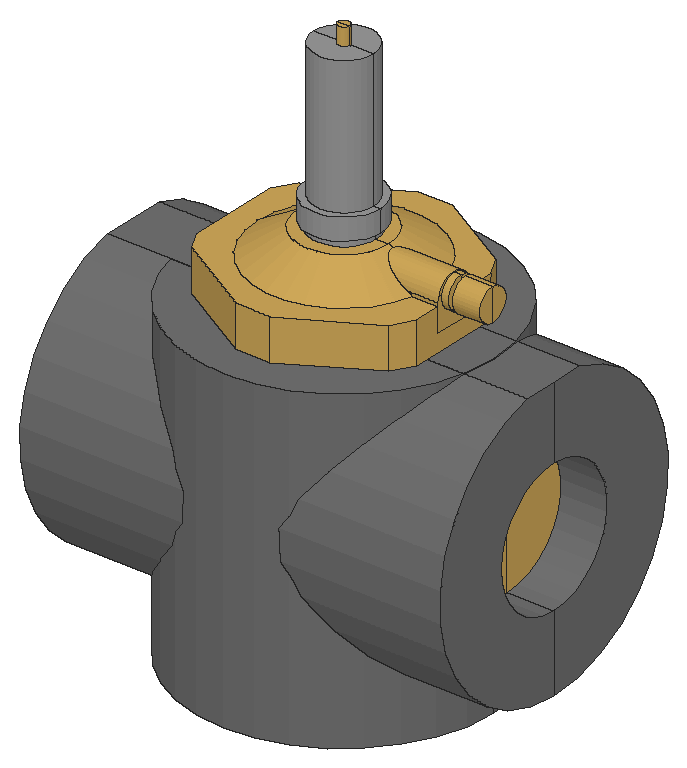
Revit family "Differential Pressure Control Valve 4002 45-80kPa", category Rohrzubehör, Revit 2018
Family settings
  Bemaßung runder Anschluss = Durchmesser verwenden
  Teiletyp = Unterbricht
  OmniClass-Nummer = 23.65.55.14
  OmniClass-Titel = Valves for Liquid Services
  Arbeitsebenenbasiert = Nein
  Immer vertikal = Ja
  Beim Laden mit Abzugskörper schneiden = Nein
  Gemeinsam genutzt = Nein
Parameters (values of type "with insulation")
  y2 [instance] = K14 + K9 + H01  # 72.649 mm
  y1 [instance] = (R03 * 2) + R05  # 132.000 mm
  Min. operating temperature (anti freeze) = -20 °C  # constant formula
  Max. operating temperature up to DN32 = 130 °C  # constant formula
  Max. operating temperature from DN40 = 110 °C  # constant formula
  Max. differential pressure on the body = 400000.0 Pa  # constant formula
  Max. operating pressure = 1600000.0 Pa  # constant formula
  Valve shaft = "stainless steel 14301"  # constant formula
  VRL01 [instance] = 30.000 mm  # constant formula
  V12 = 17.000 mm  # constant formula
  V10 = 16.000 mm  # constant formula
  V09 [instance] = L06 + 4.000 mm  # 11.000 mm
  V08 [instance] = G01 + 3.000 mm  # 29.873 mm
  V03 [instance] = G01 + 5.000 mm  # 31.873 mm
  V02 [instance] = V01 + 4.500 mm  # 24.500 mm
  V01 [instance] = Nennweite / 2  # 20.000 mm
  URL = "www.herzvalves.com"
  SCRNSEQ = "ARM;ARM_TYP=\"DIFR\";2"
  SCRNCODE = "05;03;4"  # constant formula
  S07 = 10.000 mm  # constant formula
  S06 [instance] = 1.000 mm  # constant formula
  S05 [instance] = S01 - 1.000 mm  # 25.000 mm
  S04 [instance] = S02 - 1.000 mm  # 27.000 mm
  S03 [instance] = size_lookup("4002 45-80kPa", "S03", 26.500 mm, Nennweite)  # 38.700 mm
  S02 [instance] = size_lookup("4002 45-80kPa", "S02", 19.000 mm, Nennweite)  # 28.000 mm
  S01 [instance] = size_lookup("4002 45-80kPa", "S01", 14.850 mm, Nennweite)  # 26.000 mm
  Regulator connection nut = "brass CW614N"  # constant formula
  Model = "The differential pressure controller is a straight-version linear controller and works without auxiliary power. The\r\nnominal differential pressure can be continuously adjusted from 450 to 800 mbar.\r\nThe value for the setting can be read from the diagram. The nominal set point is factory preset to a minimum. If\r\nnecessary, the nominal set point can be adjusted using the pre-setting key (1 4002 01). A capillary tube (1000 mm) is\r\nincluded and should be connected to the circuit regulating valve in the supply line."
  Control range = "45 - 80kPa"  # constant formula
  R06 [instance] = size_lookup("4002 45-80kPa", "R06", 14.500 mm, Nennweite)  # 14.500 mm
  R05 [instance] = size_lookup("4002 45-80kPa", "R05", 41.000 mm, Nennweite)  # 100.000 mm
  R04 [instance] = size_lookup("4002 45-80kPa", "R04", 12.500 mm, Nennweite)  # 14.500 mm
  R03 [instance] = size_lookup("4002 45-80kPa", "R03", 8.000 mm, Nennweite)  # 16.000 mm
  R02 = 14.500 mm  # constant formula
  R01 [instance] = size_lookup("4002 45-80kPa", "R01", 11.500 mm, Nennweite)  # 38.700 mm
  Min. operating temperature (pure water) = 2 °C  # constant formula
  O-Rings = "EPDM"  # constant formula
  Nennweite [instance] = 40.000 mm
  Membrane body = "brass CW602N"  # constant formula
  Membrane = "EPDM"  # constant formula
  Medium = "Water purity in accordance with the ÖNORM H 5195 and VDI 2035 standards\r\nEthylene and propylene glycol can be mixed to a ratio of 25 - 50 vol. [%]"
  L07 [instance] = size_lookup("4002 45-80kPa", "L07", 28.500 mm, Nennweite)  # 66.000 mm
  L06 = 7.000 mm  # constant formula
  L [instance] = size_lookup("4002 45-80kPa", "L", 66.000 mm, Nennweite)  # 132.000 mm
  K9 = 4.000 mm  # constant formula
  K8 = 55.000 mm  # constant formula
  K7 = 8.700 mm  # constant formula
  K6 = 11.700 mm  # constant formula
  K5 = 13.000 mm  # constant formula
  K4 = 12.000 mm  # constant formula
  K3 = 15.000 mm  # constant formula
  K2 = 2.350 mm  # constant formula
  K18 = 89.000 mm  # constant formula
  K17 = 66.700 mm  # constant formula
  K16 = 3.000 mm  # constant formula
  K15 = 26.649 mm  # constant formula
  K14 = 16.649 mm  # constant formula
  K13 = 16.649 mm  # constant formula
  K12 = 10.000 mm  # constant formula
  K11 = 35.000 mm  # constant formula
  K10 = 18.250 mm  # constant formula
  K1.1 = 2.350 mm  # constant formula
  K1 = 7.301 mm - 0.650 mm  # 6.651 mm
  J9 = 15.700 mm  # constant formula
  J8 = 7.850 mm  # constant formula
  J7 = 15.897 mm  # constant formula
  J6 = 3.900 mm  # constant formula
  J5 = 6.500 mm  # constant formula
  J4 = 1.500 mm  # constant formula
  J3 = 3.200 mm  # constant formula
  J2 = 11.000 mm  # constant formula
  J11 = 3.500 mm  # constant formula
  J10 = 18.897 mm  # constant formula
  J1 = 6.500 mm  # constant formula
  Hersteller = "HERZ-Armaturen Ges.m.b.H"  # constant formula
  H2 [instance] = size_lookup("4002 45-80kPa", "H2", 28.000 mm, Nennweite)  # 58.000 mm
  H1 [instance] = K1 + K2 + K3 + K4 + K5 + K7 + K8 + K16 + 16.650 mm  # 132.351 mm
  H04 = 4.000 mm  # constant formula
  H03 = 9.800 mm  # constant formula
  H02 [instance] = size_lookup("4002 45-80kPa", "H02", 53.000 mm, Nennweite)  # 107.000 mm
  H01 [instance] = size_lookup("4002 45-80kPa", "H01", 25.000 mm, Nennweite)  # 52.000 mm
  Body = "DZR brass CC770S"  # constant formula
  G01 [instance] = size_lookup("4002 45-80kPa", "G01", 13.220 mm, Nennweite)  # 26.873 mm
  Adjusting spindle = "brass CW614N"  # constant formula
  Materials = "EPDM gaskets can be affected by Mineral oils lubricants and thus lead to failure of the EPDM seals. Please refer\r\nto manufacturers documentation when using ethylene glycol products for frost and corrosion protection"
  Dämmung = yes
  Insulation shell = "EPP (expanded polypropylen)"  # constant formula
  Compression spring = "spring steel 14310 NS"  # constant formula
  DN50 [instance] = Nennweite = 50.000 mm  # no
  DN40 [instance] = Nennweite = 40.000 mm  # yes
  DN32-40 [instance] = or(Nennweite = 32.000 mm, Nennweite = 40.000 mm)  # yes
  DN32 [instance] = Nennweite = 32.000 mm  # no
  DN25 [instance] = Nennweite = 25.000 mm  # no
  DN20 [instance] = Nennweite = 20.000 mm  # no
  DN15-25 [instance] = or(Nennweite = 15.000 mm, Nennweite = 20.000 mm, Nennweite = 25.000 mm)  # no
  DN15,20,25,32,50 [instance] = or(Nennweite = 15.000 mm, Nennweite = 20.000 mm, Nennweite = 25.000 mm, Nennweite = 32.000 mm, Nennweite = 50.000 mm)  # no
  DN15 [instance] = Nennweite = 15.000 mm  # no
  D07 [instance] = if(Nennweite = 15.000 mm, 32.000 mm, if(Nennweite = 20.000 mm, 33.000 mm, if(Nennweite = 25.000 mm, 33.000 mm, if(Nennweite = 32.000 mm, 49.000 mm, if(Nennweite = 40.000 mm, 57.560 mm, if(Nennweite = 50.000 mm, 57.560 mm, 0.000 mm))))))  # 57.560 mm
  D06 [instance] = if(Nennweite = 15.000 mm, 32.000 mm, if(Nennweite = 20.000 mm, 33.000 mm, if(Nennweite = 25.000 mm, 33.000 mm, if(Nennweite = 32.000 mm, 49.000 mm, if(Nennweite = 40.000 mm, 57.560 mm, if(Nennweite = 50.000 mm, 57.560 mm, 0.000 mm))))))  # 57.560 mm
  D05 [instance] = if(Nennweite = 15.000 mm, 36.750 mm, if(Nennweite = 20.000 mm, 40.700 mm, if(Nennweite = 25.000 mm, 49.200 mm, if(Nennweite = 32.000 mm, 54.150 mm, if(Nennweite = 40.000 mm, 60.750 mm, if(Nennweite = 50.000 mm, 72.700 mm, 0.000 mm))))))  # 60.750 mm
  D04 [instance] = if(Nennweite = 15.000 mm, 78.500 mm, if(Nennweite = 20.000 mm, 82.000 mm, if(Nennweite = 25.000 mm, 84.000 mm, if(Nennweite = 32.000 mm, 120.000 mm, if(Nennweite = 40.000 mm, 130.000 mm, if(Nennweite = 50.000 mm, 130.500 mm, 0.000 mm))))))  # 130.000 mm
  D03 [instance] = if(Nennweite = 15.000 mm, 96.000 mm, if(Nennweite = 20.000 mm, 110.000 mm, if(Nennweite = 25.000 mm, 112.000 mm, if(Nennweite = 32.000 mm, 152.000 mm, if(Nennweite = 40.000 mm, 170.000 mm, if(Nennweite = 50.000 mm, 179.000 mm, 0.000 mm))))))  # 170.000 mm
  D02 [instance] = size_lookup("4002 45-80kPa", "R05", 41.000 mm, Nennweite)  # 100.000 mm
  D01 [instance] = size_lookup("4002 45-80kPa", "G01", 13.220 mm, Nennweite)  # 26.873 mm
  Bestellnummer Dämmung [instance] = if(and(Dämmung, Nennweite = 15.000 mm), 1409611, if(and(Dämmung, Nennweite = 20.000 mm), 1409612, if(and(Dämmung, Nennweite = 25.000 mm), 1409613, if(and(Dämmung, Nennweite = 32.000 mm), 1409614, if(and(Dämmung, Nennweite = 40.000 mm), 1409615, if(and(Dämmung, Nennweite = 50.000 mm), 1409616, 0))))))  # 1409615
  Bestellnummer [instance] = size_lookup("4002 45-80kPa", "Artnr", 0, Nennweite)  # 1400275
  B2 [instance] = size_lookup("4002 45-80kPa", "B2", 31.000 mm, Nennweite)  # 41.000 mm
  B1 [instance] = size_lookup("4002 45-80kPa", "B1", 26.000 mm, Nennweite)  # 41.000 mm
  B04 = 100.649 mm  # constant formula
  B03 = 44.500 mm  # constant formula
  B02 = 104.688 mm  # constant formula
  B01 = 10.000 mm  # constant formula
  Indicator sleeve = "plastic (red)"  # constant formula
  Application = "Differential pressure controllers are used to stabilize the differential pressure in heating and cooling circuits and ensure the\r\nindependence of the loads from dynamic pressure fluctuations in the system."
  Connection nipple = "brass CW602N"  # constant formula
Types (2, lengths in mm): name | y1 | V08 | V03 | V02 | V01 | S03 | R05 | R03 | R01 | Nennweite | Medium | L07 | L | G01 | Materials | Dämmung | DN50 | DN40 | DN32-40 | DN15,20,25,32,50 | D05 | D04 | D03 | D02 | D01 | Bestellnummer Dämmung | Bestellnummer
  with insulation | 132.000 | 29.873 | 31.873 | 24.500 | 20.000 | 38.700 | 100.000 | 16.000 | 38.700 | 40.000 | "Water purity in accordance with the ÖNORM H 5195 and VDI 2035 standards\r\nEthylene and propylene glycol can be mixed to a ratio of 25 - 50 vol. [%]" | 66.000 | 132.000 | 26.873 | "EPDM gaskets can be affected by Mineral oils lubricants and thus lead to failure of the EPDM seals. Please refer\r\nto manufacturers documentation when using ethylene glycol products for frost and corrosion protection" | yes | no | yes | yes | no | 60.750 | 130.000 | 170.000 | 100.000 | 26.873 | 1409615 | 1400275
  without insulation | 140.000 | 38.000 | 40.000 | 29.500 | 25.000 | 37.700 | 104.000 | 18.000 | 37.600 | 50.000 | "Water purity in accordance with the ÖNORM H 5195 and VDI 2035 standards.\r\nEthylene and propylene glycol can be mixed to a ratio of 25 - 50 vol. [%]" | 70.000 | 140.000 | 35.000 | "EPDM gaskets can be affected by mineral oil lubricants and thus lead to failure of the EPDM seals. Please refer\r\nto manufacturers documentation when using ethylene glycol products for frost and corrosion protection." | no | yes | no | no | yes | 72.700 | 130.500 | 179.000 | 104.000 | 35.000 | 0 | 1400276
Reference planes
  plane 1 "Mitte (Vorne/hinten)": y = 0
  plane 2: z = 0
  plane 3 "Mitte (Links/rechts)": x = 0
Forms (mm)
  Revolve 1, solid, material "Messing, weicher Gelbton, geschweißt", detail levels fine
    sketch origin (0, 0, 0) x (1, 0, 0) y (0, 0, 1)
      loop
        line (-66, 0) -> (66, 0) -> (66, 26.873) -> (50, 26.873) -> (50, 38.7) -> (-50, 38.7) -> (-50, 26.873) -> (-66, 26.873) -> (-66, 0)
      axis (-66, 0) -> (66, 0)
    angle from 0 to 360
  Revolve 2, solid, material "Messing, weicher Gelbton, geschweißt", detail levels fine
    sketch origin (0, 0, 0) x (1, 0, 0) y (0, 0, 1)
      loop
        line (0, -58) -> (0, 0) -> (-27, 0) -> (-27, -48.2) -> (-28, -48.2) -> (-28, -58) -> (0, -58)
      axis (0, 0) -> (0, -58)
    angle from 0 to 360
  Extrusion 3, solid, material "Messing, weicher Gelbton, geschweißt", detail levels fine
    sketch origin (0, 0, 0) x (0, -1, 0) y (1, 0, 0)
      loop
        line (-46, -7.038) -> (-27.114, -39.75) -> (-18.886, -44.5) -> (18.886, -44.5) -> (27.114, -39.75) -> (46, -7.038) -> (46, 7.038) -> (27.114, 39.75) -> (18.886, 44.5) -> (-18.886, 44.5) -> (-27.114, 39.75) -> (-46, 7.038) -> (-46, -7.038)
    from 56 to 72.649
  Revolve 4, solid, material "Messing, weicher Gelbton, geschweißt", detail levels fine
    sketch origin (0, 0, -7.051) x (1, 0, 0) y (0, 0, 1)
      loop
        line (0, 79.7) -> (0, 89.7) -> (-18.25, 89.7) -> (-35, 79.7) -> (0, 79.7)
      axis (0, 89.7) -> (0, 79.7)
    angle from 0 to 360
  Revolve 5, solid, material "Messing, weicher Gelbton, geschweißt", visible <- "DN15-25", detail levels fine
    sketch origin (-11, 0, 0) x (1, 0, 0) y (0, 1, 0)
      loop
        line (-3.5, 41) -> (-11.2, 41) -> (-11.2, 0) -> (-3.5, 0) -> (-3.5, 41)
      axis (-3.5, 0) -> (-3.5, 41)
    angle from 0 to 360
  Revolve 6, solid, material "Messing, weicher Gelbton, geschweißt", visible <- "DN15,20,25,32,50", detail levels fine
    sketch origin (-0.988, 0, -6.853) x (-1, 0, 0) y (0, 0, 1)
      loop
        line (43.5, 78.75) -> (59.2, 78.75) -> (59.2, 85.25) -> (48.2, 85.25) -> (48.2, 82.65) -> (46.7, 82.65) -> (46.7, 85.25) -> (43.5, 85.25) -> (43.5, 78.75)
      axis (43.5, 78.75) -> (59.2, 78.75)
    angle from 0 to 360
  Extrusion 7, solid, material "Messing, weicher Gelbton, geschweißt", visible <- "DN15,20,25,32,50", detail levels fine
    sketch origin (0, 0, 0) x (0, 1, 0) y (0, 0, -1)
      loop
        line (7.85, -70.547) -> (7.85, -59.5) -> (-7.85, -59.5) -> (-7.85, -70.547)
        arc (-7.85, -70.547) -> (0, -78.397) -> (7.85, -70.547) r 7.85
    from 0 to 44.5
  Revolve 8, solid, material "Kunststoff rot", detail levels fine
    sketch origin (0, 0, 0) x (1, 0, 0) y (0, 0, 1)
      loop
        line (-12, 149.349) -> (-12, 94.349) -> (-15, 94.349) -> (-15, 85.649) -> (-13, 85.649) -> (-13, 82.649) -> (0, 82.649) -> (0, 149.349) -> (-12, 149.349)
      axis (0, 149.349) -> (0, 82.649)
    angle from 0 to 360
  Revolve 9, solid, material "Messing, weicher Gelbton, geschweißt", visible <- "DN15-25", detail levels fine
    sketch origin (-2, 0, 0) x (1, 0, 0) y (0, 1, 0)
      loop
        line (-12.5, 0) -> (-21.5, 0) -> (-21.5, -41) -> (-12.5, -41) -> (-12.5, 0)
      axis (-12.5, 0) -> (-12.5, -41)
    angle from 0 to 360
  Revolve 10, solid, material "Messing, weicher Gelbton, geschweißt", visible <- "DN15-25", detail levels fine
    sketch origin (2, 0, 0) x (1, 0, 0) y (0, 1, 0)
      loop
        line (12.5, 0) -> (12.5, -41) -> (21.6, -41) -> (21.6, 0) -> (12.5, 0)
      axis (12.5, 0) -> (12.5, -41)
    angle from 0 to 360
  Extrusion 11, solid, material "Messing, weicher Gelbton, geschweißt", visible <- "DN32", detail levels fine
    sketch origin (-31.5, 0, 0) x (1, 0, 0) y (0, 1, 0)
      loop
        circle (63, 0) r 6.578
      loop
        circle (63, 0) r 3.28
    from -47 to 0
  Extrusion 12, solid, material "Messing, weicher Gelbton, geschweißt", visible <- "DN32", detail levels fine
    sketch origin (31.5, 0, 0) x (-1, 0, 0) y (0, -1, 0)
      loop
        circle (63, 0) r 6.578
      loop
        circle (63, 0) r 3.28
    from -47 to 0
  Revolve 13, solid, material "Messing, weicher Gelbton, geschweißt", detail levels fine
    sketch origin (0, 0, 0) x (1, 0, 0) y (0, 0, 1)
      loop
        line (-25, 0) -> (0, 0) -> (0, 56) -> (-21, 56) -> (-21, 52) -> (-26, 52) -> (-26, 42.2) -> (-25, 42.2) -> (-25, 0)
      axis (0, 56) -> (0, 0)
    angle from 0 to 360
  Extrusion 14, solid, material "Messing, weicher Gelbton, geschweißt", visible <- "DN40", detail levels fine
    sketch origin (29.382, 0, 0) x (-1, 0, 0) y (0, -1, 0)
      loop
        circle (63, 0) r 6.578
      loop
        circle (63, 0) r 3.28
    from -58 to 0
  Extrusion 15, solid, material "Messing, weicher Gelbton, geschweißt", visible <- "DN40", detail levels fine
    sketch origin (-29.455, 0, 0) x (1, 0, 0) y (0, 1, 0)
      loop
        circle (63, 0) r 6.578
      loop
        circle (63, 0) r 3.28
    from -58 to 0
  Extrusion 16, solid, material "Messing, weicher Gelbton, geschweißt", visible <- "DN50", detail levels fine
    sketch origin (28.422, 0, 0) x (-1, 0, 0) y (0, -1, 0)
      loop
        circle (63, 0) r 6.578
      loop
        circle (63, 0) r 3.28
    from -58 to 0
  Extrusion 17, solid, material "Messing, weicher Gelbton, geschweißt", visible <- "DN50", detail levels fine
    sketch origin (-28.422, 0, 0) x (1, 0, 0) y (0, 1, 0)
      loop
        circle (63, 0) r 6.578
      loop
        circle (63, 0) r 3.28
    from -58 to 0
  Revolve 18, solid, material "Messing, weicher Gelbton, geschweißt", detail levels fine
    sketch origin (0, 0, 0) x (1, 0, 0) y (0, 0, 1)
      loop
        line (-2.35, 148.349) -> (0, 148.349) -> (0, 156) -> (-2.35, 156) -> (-2.35, 148.349)
      axis (0, 156) -> (0, 148.349)
    angle from 0 to 360
  Revolve 19, solid, material "Messing, weicher Gelbton, geschweißt", visible <- "DN32-40", detail levels fine
    sketch origin (-11, 0, 0) x (1, 0, 0) y (0, 1, 0)
      loop
        line (-3.5, -41) -> (-3.5, 0) -> (-11.2, 0) -> (-11.2, -41) -> (-3.5, -41)
      axis (-3.5, 0) -> (-3.5, -41)
    angle from 0 to 360
  Extrusion 20, solid, material "Messing, weicher Gelbton, geschweißt", visible <- "DN40", detail levels fine
    sketch origin (0, 0, 0) x (0, 1, 0) y (0, 0, 1)
      loop
        arc (7.85, 74.047) -> (0, 81.897) -> (-7.85, 74.047) r 7.85
        line (-7.85, 74.047) -> (-7.85, 63) -> (7.85, 63) -> (7.85, 74.047)
    from 0 to 44.5
  Revolve 21, solid, material "Messing, weicher Gelbton, geschweißt", visible <- "DN40", detail levels fine
    sketch origin (0.988, 0, -6.853) x (1, 0, 0) y (0, 0, 1)
      loop
        line (43.5, 82.25) -> (59.2, 82.25) -> (59.2, 88.75) -> (48.2, 88.75) -> (48.2, 86.15) -> (46.7, 86.15) -> (46.7, 88.75) -> (43.5, 88.75) -> (43.5, 82.25)
      axis (43.5, 82.25) -> (59.2, 82.25)
    angle from 0 to 360
  Revolve 22, solid, material "Messing, weicher Gelbton, geschweißt", not visible, detail levels fine
    sketch origin (11.3, 0, 0) x (-1, 0, 0) y (0, 0, 1)
      loop
        line (77.3, 0) -> (107.3, 0) -> (107.3, 20) -> (90.3, 20) -> (90.3, 24.5) -> (81.3, 24.5) -> (81.3, 31.873) -> (74.3, 31.873) -> (74.3, 29.873) -> (61.3, 29.873) -> (61.3, 26.873) -> (77.3, 26.873) -> (77.3, 0)
      axis (61.3, 0) -> (107.3, 0)
    angle from 0 to 360
  Revolve 23, solid, material "Messing, weicher Gelbton, geschweißt", not visible, detail levels fine
    sketch origin (-1.172, 0, 0) x (1, 0, 0) y (0, 0, 1)
      loop
        line (67.172, 0) -> (97.172, 0) -> (97.172, 20) -> (80.172, 20) -> (80.172, 24.5) -> (71.172, 24.5) -> (71.172, 31.873) -> (64.172, 31.873) -> (64.172, 29.873) -> (51.172, 29.873) -> (51.172, 26.873) -> (67.172, 26.873) -> (67.172, 0)
      axis (51.172, 0) -> (97.172, 0)
    angle from 0 to 360
  Revolve 24, solid, material "Kunststoff-Anthrazit/Schwarz", visible <- "Dämmung"
    sketch origin (0, 0, 0) x (1, 0, 0) y (0, 0, 1)
      loop
        line (85, 57.56) -> (-85, 57.56) -> (-85, 26.873) -> (-50, 26.873) -> (-50, 0) -> (0, 0) -> (50, 0) -> (50, 26.873) -> (85, 26.873) -> (85, 57.56)
      axis (-85, 0) -> (85, 0)
    angle from 0 to 360
  Revolve 25, solid, material "Kunststoff-Anthrazit/Schwarz", visible <- "Dämmung"
    sketch origin (0, 0, 0) x (1, 0, 0) y (0, 0, 1)
      loop
        line (0, -72.44) -> (60.75, -72.44) -> (60.75, 57.56) -> (0, 57.56) -> (0, -72.44)
      axis (0, 57.56) -> (0, -72.44)
    angle from 0 to 360
  Extrusion 26, void
    sketch origin (-454.601, -120, 0) x (1, 0, 0) y (0, 1, 0)
      loop
        line (261.224, -34.207) -> (644.601, -34.207) -> (644.601, 270) -> (261.224, 270) -> (261.224, -34.207)
    from 56 to 72.649
  Extrusion 27, void
    sketch origin (-432.01, -65, 0) x (1, 0, 0) y (0, 1, 0)
      loop
        line (339.195, -19.781) -> (522.867, -19.781) -> (522.867, 150) -> (339.195, 150) -> (339.195, -19.781)
    from 56 to 72.649
Cuts and joins
  Extrusion 26 cuts Revolve 24
  Extrusion 27 cuts Revolve 25
Lines and regions (mm)
  model lines, detail levels coarse+medium
    curve 1: line (66, -26.873, 0) -> (66, 26.873, 0)
    curve 2: line (66, 26.873, 0) -> (-66, -26.873, 0)
    curve 3: line (-66, -26.873, 0) -> (-66, 26.873, 0)
    curve 4: line (-66, 26.873, 0) -> (66, -26.873, 0)
    curve 5: line (0, -42, 0) -> (0, -56, 0)
    curve 6: spline (-44.5, -64.324, 0) -> (-42.984, -62.17, 0) -> (-38.538, -60.162, 0) -> (-31.466, -58.438, 0) -> (-22.25, -57.115, 0) -> (-11.517, -56.284, 0) -> (0, -56, 0) -> (11.517, -56.284, 0) -> (22.25, -57.115, 0) -> (31.466, -58.438, 0) -> (38.538, -60.162, 0) -> (42.984, -62.17, 0) -> (44.5, -64.325, 0) -> (42.984, -66.479, 0) -> (38.538, -68.487, 0) -> (31.466, -70.211, 0) -> (22.25, -71.534, 0) -> (11.517, -72.365, 0) -> (0, -72.649, 0) -> (-11.517, -72.365, 0) -> (-22.25, -71.534, 0) -> (-31.466, -70.211, 0) -> (-38.538, -68.487, 0) -> (-42.984, -66.479, 0) -> (-44.5, -64.324, 0)
    curve 7: line (-66, 0, 26.873) -> (-66, 0, -26.873)
    curve 8: line (-66, 0, -26.873) -> (66, 0, 26.873)
    curve 9: line (66, 0, 26.873) -> (66, 0, -26.873)
    curve 10: line (66, 0, -26.873) -> (-66, 0, 26.873)
    curve 11: line (0, 0, 42.2) -> (0, 0, 56)
    curve 12: spline (-44.5, 0, 64.325) -> (-42.984, 0, 66.479) -> (-38.538, 0, 68.487) -> (-31.466, 0, 70.211) -> (-22.25, 0, 71.534) -> (-11.517, 0, 72.365) -> (0, 0, 72.649) -> (11.517, 0, 72.365) -> (22.25, 0, 71.534) -> (31.466, 0, 70.211) -> (38.538, 0, 68.487) -> (42.984, 0, 66.479) -> (44.5, 0, 64.324) -> (42.984, 0, 62.17) -> (38.538, 0, 60.162) -> (31.466, 0, 58.438) -> (22.25, 0, 57.115) -> (11.517, 0, 56.284) -> (0, 0, 56) -> (-11.517, 0, 56.284) -> (-22.25, 0, 57.115) -> (-31.466, 0, 58.438) -> (-38.538, 0, 60.162) -> (-42.984, 0, 62.17) -> (-44.5, 0, 64.325)
    curve 13: line (0, 0, 42.2) -> (33, 0, 13.437)
    curve 14: line (66, 0, 0) -> (76.504, 0, 0)
    curve 15: line (0, -42, 0) -> (-22.35, -9.1, 0)
    curve 16: line (0, -42, 0) -> (22.35, -9.1, 0)
    curve 17: line (66, 0, -26.873) -> (76, 0, -26.873)
    curve 18: line (-33, 0, 13.436) -> (0, 0, 42.2)
    curve 19: line (66, 26.873, 0) -> (76, 26.873, 0)
    curve 20: line (76, 26.873, 0) -> (66, 0, 0)
    curve 21: line (66, -26.873, 0) -> (76, -26.873, 0)
    curve 22: line (76, -26.873, 0) -> (66, 0, 0)
    curve 23: line (-66, 26.873, 0) -> (-76, 26.873, 0)
    curve 24: line (-76, 26.873, 0) -> (-66, 0, 0)
    curve 25: line (-66, -26.873, 0) -> (-76, -26.873, 0)
    curve 26: line (-76, -26.873, 0) -> (-66, 0, 0)
    curve 27: line (-66, 0, 26.873) -> (-76, 0, 26.873)
    curve 28: line (-76, 0, 26.873) -> (-66, 0, 0)
    curve 29: line (-66, 0, -26.873) -> (-76, 0, -26.873)
    curve 30: line (-76, 0, -26.873) -> (-66, 0, 0)
    curve 31: line (66, 0, 26.873) -> (66, 0, -26.873)
    curve 32: line (66, 0, 26.873) -> (76, 0, 26.873)
    curve 33: line (76, 0, 26.873) -> (66, 0, 0)
    curve 34: line (66, 0, -26.873) -> (76, 0, -26.873)
    curve 35: line (76, 0, -26.873) -> (66, 0, 0)
Dimensions and locks
  "G01": Revolve 1 sketch curve to Revolve 1 sketch curve  (x2)
  "R01": Revolve 1 sketch curve to Revolve 1 sketch curve
  "R03": Revolve 1 sketch curve to Revolve 1 sketch curve  (x2)
  "K10": Revolve 4 sketch curve to Revolve 4 sketch curve
  "K11": Revolve 4 sketch curve to Revolve 4 sketch curve
  "B1": Revolve 5 sketch curve to Revolve 5 sketch curve
  "J1": Revolve 6 sketch curve to Revolve 6 sketch curve
  "J3": Revolve 6 sketch curve to Revolve 6 sketch curve
  "J4": Revolve 6 sketch curve to Revolve 6 sketch curve
  "J2": Revolve 6 sketch curve to Revolve 6 sketch curve
  "J5": Revolve 6 sketch curve to Revolve 6 sketch curve
  "J6": Revolve 6 sketch curve to Revolve 6 sketch curve
  "H2": plane 2 to Revolve 2 sketch curve
  "S02": plane 3 "Mitte (Links/rechts)" to Revolve 2 sketch curve
  "B02": Revolve 6 to Extrusion 3
  "B03": Extrusion 3 to plane 3 "Mitte (Links/rechts)"
  "R04": Revolve 5 sketch curve to plane 3 "Mitte (Links/rechts)"
  "K4": Revolve 8 sketch curve to Revolve 8 sketch curve
  "K3": Revolve 8 sketch curve to Revolve 8 sketch curve
  "K7": Revolve 8 sketch curve to Revolve 8 sketch curve
  "K5": Revolve 8 sketch curve to Revolve 8 sketch curve
  "K8": Revolve 8 sketch curve to Revolve 8 sketch curve
  "K12": Revolve 4 sketch curve to Revolve 4 sketch curve
  "K13": Revolve 4 sketch curve to Extrusion 3
  "K14": Extrusion 3 to Extrusion 3
  "K16": Revolve 8 sketch curve to Revolve 8 sketch curve
  "K15": Revolve 8 to Extrusion 3
  "R05": Revolve 1 sketch curve to Revolve 1 sketch curve
  plane 3 "Mitte (Links/rechts)" to Revolve 1 sketch curve = 66.000 mm
  Revolve 1 sketch curve to plane 3 "Mitte (Links/rechts)" = 66.000 mm
  equal spacing: Revolve 1 sketch curve, plane 3 "Mitte (Links/rechts)", Revolve 1 sketch curve
  "B2": plane 1 "Mitte (Vorne/hinten)" to Revolve 9 sketch curve
  "B2": Revolve 10 sketch curve to plane 1 "Mitte (Vorne/hinten)"
  "R06": Revolve 9 sketch curve to plane 3 "Mitte (Links/rechts)"
  "R06": plane 3 "Mitte (Links/rechts)" to Revolve 10 sketch curve
  "S01": Revolve 13 sketch curve to plane 3 "Mitte (Links/rechts)"
  "S05": plane 3 "Mitte (Links/rechts)" to Revolve 13 sketch curve
  "H04": Revolve 13 sketch curve to Revolve 13 sketch curve
  "H03": Revolve 13 sketch curve to Revolve 13 sketch curve
  "H01": Revolve 13 sketch curve to plane 2
  "K9": Extrusion 3 to Revolve 13
  "S06": Revolve 2 sketch curve to Revolve 2 sketch curve
  "J7": Revolve 6 sketch curve to Extrusion 3
  "J9": Extrusion 7 sketch curve to Extrusion 7 sketch curve
  "J10": Revolve 6 to Extrusion 7 sketch curve
  "J11": Extrusion 7 sketch curve to Extrusion 3
  Revolve 22 to curve 16 to Revolve 23 = 66.000 mm, 66.000 mm
  "K18": Extrusion 3 to Extrusion 3
  "G01": curve 10 to plane 2
  "G01": plane 2 to curve 8
  "G01": curve 9 to plane 2
  "G01": plane 2 to curve 10
  "K18": curve 12 to curve 12
  "y1": curve 7 to curve 9
  "K14": curve 12 to curve 12
  "y2": curve 12 to plane 2
  "G01": plane 1 "Mitte (Vorne/hinten)" to curve 4
  "G01": curve 3 to plane 1 "Mitte (Vorne/hinten)"
  equal spacing: curve 3, curve 12, curve 1
  equal spacing: curve 3, curve 16, curve 1
  "y1": curve 3 to curve 1
  "G01": plane 1 "Mitte (Vorne/hinten)" to curve 2
  "G01": curve 4 to plane 1 "Mitte (Vorne/hinten)"
  "K18": curve 6 to curve 6
  "K14": curve 6 to curve 6
  "y2": curve 6 to plane 1 "Mitte (Vorne/hinten)"
  "K1": Revolve 18 sketch curve to Revolve 8
  "K1.1": plane 3 "Mitte (Links/rechts)" to Revolve 18 sketch curve
  "B1": Revolve 19 sketch curve to Revolve 19 sketch curve
  "R04": Revolve 19 sketch curve to plane 3 "Mitte (Links/rechts)"
  Revolve 18 to Revolve 2 = 214.000 mm
  plane 2 to Revolve 2 sketch curve = 48.200 mm
  "J9": Extrusion 20 sketch curve to Extrusion 20 sketch curve
  "J1": Revolve 21 sketch curve to Revolve 21 sketch curve
  "J3": Revolve 21 sketch curve to Revolve 21 sketch curve
  "J4": Revolve 21 sketch curve to Revolve 21 sketch curve
  "J2": Revolve 21 sketch curve to Revolve 21 sketch curve
  "J5": Revolve 21 sketch curve to Revolve 21 sketch curve
  "J6": Revolve 21 sketch curve to Revolve 21 sketch curve
  "R03": Revolve 22 sketch curve to Revolve 22 sketch curve
  "V12": Revolve 22 sketch curve to Revolve 22 sketch curve
  "VRL01": Revolve 22 sketch curve to Revolve 22 sketch curve
  "G01": Revolve 22 sketch curve to plane 2
  "V08": Revolve 22 sketch curve to plane 2
  "V01": Revolve 22 sketch curve to plane 2
  "V02": Revolve 22 sketch curve to plane 2
  "V03": Revolve 22 sketch curve to plane 2
  "R03": Revolve 23 sketch curve to Revolve 23 sketch curve
  "V10": Revolve 23 sketch curve to Revolve 23 sketch curve
  "V12": Revolve 23 sketch curve to Revolve 23 sketch curve
  "VRL01": Revolve 23 sketch curve to Revolve 23 sketch curve
  "G01": Revolve 23 sketch curve to plane 2
  "V08": Revolve 23 sketch curve to plane 2
  "V03": Revolve 23 sketch curve to plane 2
  "V01": Revolve 23 sketch curve to plane 2
  "V02": Revolve 23 sketch curve to plane 2
  "S07": Revolve 1 to curve 17
  equal spacing: Revolve 1, curve 18, curve 18, curve 13, curve 9
  "L07": Revolve 22 to plane 3 "Mitte (Links/rechts)"
  "L07": plane 3 "Mitte (Links/rechts)" to Revolve 23
  "V10": Revolve 22 sketch curve to Revolve 22 sketch curve
  "S07": curve 24 to curve 3
  "S07": curve 26 to curve 3
  "S07": curve 1 to curve 20
  "S07": curve 1 to curve 22
  "S07": curve 28 to curve 7
  "S07": curve 30 to curve 7
  "S07": curve 31 to curve 33
  "S07": curve 31 to curve 35
  "D01": Revolve 24 sketch curve to plane 2  (x2)
  "D03": Revolve 24 sketch curve to Revolve 24 sketch curve
  equal spacing: Revolve 24 sketch curve, plane 3 "Mitte (Links/rechts)", Revolve 24 sketch curve  (x2)
  "D02": Revolve 24 sketch curve to Revolve 24 sketch curve
  "D05": Revolve 25 sketch curve to Revolve 25 sketch curve
  "D04": Revolve 25 sketch curve to Revolve 25 sketch curve
  "D06": Revolve 25 sketch curve to plane 2
  "D07": Revolve 24 sketch curve to plane 2
  "K14": Extrusion 26 to Extrusion 26
  "K14": Extrusion 26 to Extrusion 3
  "K14": Extrusion 27 to Extrusion 27
  "K14": Extrusion 27 to Extrusion 3
  "J8": radius of Extrusion 7 sketch curve
  "J8": radius of Extrusion 20 sketch curve
  aligned and locked: level to plane 2
Automatic sketch dimensions
  plane 3 "Mitte (Links/rechts)" to Extrusion 3 sketch curve = 7.038 mm  (x2)
  Extrusion 3 sketch curve to plane 1 "Mitte (Vorne/hinten)" = 46.000 mm
  Extrusion 3 sketch curve to plane 1 "Mitte (Vorne/hinten)" = 27.114 mm  (x2)
  Extrusion 3 sketch curve to Extrusion 3 sketch curve = 8.227 mm  (x4)
  plane 1 "Mitte (Vorne/hinten)" to Extrusion 3 sketch curve = 18.886 mm  (x2)
  Extrusion 3 sketch curve to Extrusion 3 sketch curve = 18.886 mm
  Extrusion 3 sketch curve to plane 3 "Mitte (Links/rechts)" = 7.038 mm  (x2)
  Extrusion 3 sketch curve to Extrusion 3 sketch curve = 32.712 mm  (x4)
  Extrusion 3 sketch curve to Extrusion 3 sketch curve = 4.750 mm  (x2)
  Extrusion 11 sketch curve to Extrusion 11 sketch curve = 0.000 mm  (x2)
  plane 1 "Mitte (Vorne/hinten)" to Extrusion 11 sketch curve = 0.000 mm
  plane 3 "Mitte (Links/rechts)" to Extrusion 11 sketch curve = 31.500 mm
  Extrusion 12 sketch curve to Extrusion 12 sketch curve = 0.000 mm  (x2)
  plane 1 "Mitte (Vorne/hinten)" to Extrusion 12 sketch curve = 0.000 mm
  plane 3 "Mitte (Links/rechts)" to Extrusion 12 sketch curve = 31.500 mm
  Extrusion 14 sketch curve to Extrusion 14 sketch curve = 0.000 mm  (x2)
  plane 1 "Mitte (Vorne/hinten)" to Extrusion 14 sketch curve = 0.000 mm
  plane 3 "Mitte (Links/rechts)" to Extrusion 14 sketch curve = 33.618 mm
  Extrusion 15 sketch curve to Extrusion 15 sketch curve = 0.000 mm  (x2)
  plane 1 "Mitte (Vorne/hinten)" to Extrusion 15 sketch curve = 0.000 mm
  plane 3 "Mitte (Links/rechts)" to Extrusion 15 sketch curve = 33.545 mm
  Extrusion 16 sketch curve to Extrusion 16 sketch curve = 0.000 mm  (x2)
  plane 1 "Mitte (Vorne/hinten)" to Extrusion 16 sketch curve = 0.000 mm
  plane 3 "Mitte (Links/rechts)" to Extrusion 16 sketch curve = 34.578 mm
  Extrusion 17 sketch curve to Extrusion 17 sketch curve = 0.000 mm  (x2)
  plane 1 "Mitte (Vorne/hinten)" to Extrusion 17 sketch curve = 0.000 mm
  plane 3 "Mitte (Links/rechts)" to Extrusion 17 sketch curve = 34.578 mm
  plane 1 "Mitte (Vorne/hinten)" to Extrusion 26 sketch curve = 154.207 mm
  Extrusion 26 sketch curve to plane 3 "Mitte (Links/rechts)" = 193.377 mm
  Extrusion 26 sketch curve to Extrusion 26 sketch curve = 383.377 mm
  Extrusion 26 sketch curve to plane 1 "Mitte (Vorne/hinten)" = 150.000 mm
  plane 1 "Mitte (Vorne/hinten)" to Extrusion 27 sketch curve = 84.781 mm
  Extrusion 27 sketch curve to plane 1 "Mitte (Vorne/hinten)" = 85.000 mm
  Extrusion 27 sketch curve to plane 3 "Mitte (Links/rechts)" = 92.816 mm
  Extrusion 27 sketch curve to Extrusion 27 sketch curve = 183.673 mm
  curve 30 to level = 0.000 mm
  curve 28 to level = 0.000 mm
  curve 12 to plane 3 "Mitte (Links/rechts)" = 0.000 mm
  curve 11 to plane 3 "Mitte (Links/rechts)" = 0.000 mm
  curve 14 to level = 0.000 mm
  curve 33 to level = 0.000 mm
  curve 35 to level = 0.000 mm
  curve 18 to curve 11 = 13.800 mm
  curve 14 to curve 14 = 10.504 mm
  plane 1 "Mitte (Vorne/hinten)" to curve 24 = 0.000 mm
  plane 1 "Mitte (Vorne/hinten)" to curve 26 = 0.000 mm
  curve 16 to plane 3 "Mitte (Links/rechts)" = 0.000 mm
  curve 6 to plane 3 "Mitte (Links/rechts)" = 0.000 mm
  plane 1 "Mitte (Vorne/hinten)" to curve 20 = 0.000 mm
  plane 1 "Mitte (Vorne/hinten)" to curve 22 = 0.000 mm
  curve 5 to curve 15 = 14.000 mm
  plane 1 "Mitte (Vorne/hinten)" to curve 15 = 9.100 mm
  plane 1 "Mitte (Vorne/hinten)" to curve 16 = 9.100 mm
  Revolve 1 sketch curve to level = 0.000 mm  (x2)
  Revolve 1 sketch curve to Revolve 1 sketch curve = 1473.530 mm
  Revolve 1 sketch curve to Revolve 1 sketch curve = 1806.148 mm
  Revolve 2 sketch curve to level = 0.000 mm
  Revolve 2 sketch curve to plane 3 "Mitte (Links/rechts)" = 0.000 mm  (x2)
  Revolve 2 sketch curve to Revolve 2 sketch curve = 1.000 mm
  Revolve 2 sketch curve to Revolve 2 sketch curve = 9.800 mm
  Revolve 2 sketch curve to Revolve 2 sketch curve = 334.045 mm
  level to Revolve 2 sketch curve = 2218.015 mm
  Revolve 4 sketch curve to plane 3 "Mitte (Links/rechts)" = 0.000 mm  (x2)
  Revolve 4 sketch curve to level = 373.096 mm
  Revolve 4 sketch curve to Revolve 4 sketch curve = 2155.315 mm
  plane 1 "Mitte (Vorne/hinten)" to Revolve 5 sketch curve = 0.000 mm  (x2)
  Revolve 5 sketch curve to Revolve 5 sketch curve = 0.000 mm  (x2)
  Revolve 5 sketch curve to Revolve 5 sketch curve = 7.700 mm
  plane 3 "Mitte (Links/rechts)" to Revolve 6 sketch curve = 44.488 mm
  Revolve 6 sketch curve to Revolve 6 sketch curve = 0.000 mm  (x3)
  Extrusion 7 sketch curve to plane 1 "Mitte (Vorne/hinten)" = 0.000 mm
  Extrusion 7 sketch curve to Extrusion 7 sketch curve = 11.047 mm
  Extrusion 7 sketch curve to Extrusion 7 sketch curve = 0.000 mm
  Revolve 8 sketch curve to plane 3 "Mitte (Links/rechts)" = 0.000 mm  (x2)
  level to Revolve 8 sketch curve = 82.649 mm
  Revolve 8 sketch curve to Revolve 8 sketch curve = 0.000 mm  (x2)
  plane 1 "Mitte (Vorne/hinten)" to Revolve 9 sketch curve = 0.000 mm  (x2)
  Revolve 9 sketch curve to Revolve 9 sketch curve = 9.000 mm
  Revolve 9 sketch curve to Revolve 9 sketch curve = 0.000 mm  (x2)
  plane 1 "Mitte (Vorne/hinten)" to Revolve 10 sketch curve = 0.000 mm  (x2)
  Revolve 10 sketch curve to Revolve 10 sketch curve = 9.100 mm
  Revolve 10 sketch curve to Revolve 10 sketch curve = 0.000 mm  (x2)
  Revolve 13 sketch curve to level = 0.000 mm  (x2)
  Revolve 13 sketch curve to plane 3 "Mitte (Links/rechts)" = 0.000 mm  (x2)
  Revolve 13 sketch curve to Revolve 13 sketch curve = 5.000 mm
  Revolve 13 sketch curve to Revolve 13 sketch curve = 0.000 mm
  Revolve 18 sketch curve to plane 3 "Mitte (Links/rechts)" = 0.000 mm  (x2)
  Revolve 18 sketch curve to Revolve 18 sketch curve = 7.651 mm
  Revolve 18 sketch curve to Revolve 18 sketch curve = 0.000 mm  (x2)
  plane 1 "Mitte (Vorne/hinten)" to Revolve 19 sketch curve = 0.000 mm  (x2)
  Revolve 19 sketch curve to Revolve 19 sketch curve = 7.700 mm
  Revolve 19 sketch curve to Revolve 19 sketch curve = 0.000 mm  (x2)
  Extrusion 20 sketch curve to plane 1 "Mitte (Vorne/hinten)" = 0.000 mm
  level to Extrusion 20 sketch curve = 63.000 mm
  Extrusion 20 sketch curve to Extrusion 20 sketch curve = 11.047 mm
  Extrusion 20 sketch curve to Extrusion 20 sketch curve = 0.000 mm
  plane 3 "Mitte (Links/rechts)" to Revolve 21 sketch curve = 44.488 mm
  level to Revolve 21 sketch curve = 75.397 mm
  Revolve 21 sketch curve to Revolve 21 sketch curve = 0.000 mm  (x3)
  Revolve 22 sketch curve to level = 0.000 mm  (x2)
  plane 3 "Mitte (Links/rechts)" to Revolve 22 sketch curve = 50.000 mm
  Revolve 22 sketch curve to Revolve 22 sketch curve = 4.000 mm
  Revolve 22 sketch curve to Revolve 22 sketch curve = 0.000 mm  (x2)
  Revolve 23 sketch curve to level = 0.000 mm  (x2)
  plane 3 "Mitte (Links/rechts)" to Revolve 23 sketch curve = 50.000 mm
  Revolve 23 sketch curve to Revolve 23 sketch curve = 4.000 mm
  Revolve 23 sketch curve to Revolve 23 sketch curve = 0.000 mm  (x2)
  Revolve 24 sketch curve to level = 0.000 mm  (x2)
  Revolve 24 sketch curve to plane 3 "Mitte (Links/rechts)" = 0.000 mm
  Revolve 24 sketch curve to Revolve 24 sketch curve = 0.000 mm  (x2)
  Revolve 25 sketch curve to plane 3 "Mitte (Links/rechts)" = 0.000 mm  (x2)
  Revolve 25 sketch curve to Revolve 25 sketch curve = 0.000 mm  (x2)
  radius of Extrusion 11 sketch curve = 6.578 mm
  radius of Extrusion 11 sketch curve = 3.280 mm
  radius of Extrusion 12 sketch curve = 6.578 mm
  radius of Extrusion 12 sketch curve = 3.280 mm
  radius of Extrusion 14 sketch curve = 6.578 mm
  radius of Extrusion 14 sketch curve = 3.280 mm
  radius of Extrusion 15 sketch curve = 6.578 mm
  radius of Extrusion 15 sketch curve = 3.280 mm
  radius of Extrusion 16 sketch curve = 6.578 mm
  radius of Extrusion 16 sketch curve = 3.280 mm
  radius of Extrusion 17 sketch curve = 6.578 mm
  radius of Extrusion 17 sketch curve = 3.280 mm
Nested families
  nested 1: "Herz-Logo-vorne" at (-0.018, 17.815, -12.904) x (0, -1, 0) z (0, 0, 1), type "Herz-Logo-vorne", detail levels fine
  nested 2: "Herz-Logo-vorne" at (-0.018, 29.612, 0) x (0, -1, 0) z (0, 0, 1), visible <- "DN32", type "Herz-Logo-vorne", detail levels fine
  nested 3: "Herz-Logo-vorne" at (-0.018, 38.665, 0) x (0, -1, 0) z (0, 0, 1), visible <- "DN40", type "Herz-Logo-vorne", detail levels fine
  nested 4: "Herz-Logo-vorne" at (-0.018, 37.548, 0) x (0, -1, 0) z (0, 0, 1), visible <- "DN50", type "Herz-Logo-vorne", detail levels fine
Connectors
  piping at (-66, 0, 0), diameter 40, driven by "Nennweite"
    settings: on Revolve 1, index 1, connector inside diameter 609.6 mm, connector length 0.000 mm, flow factor 0, pipe flow 0.0 L/s, pressure drop 0.0 Pa, fitting loss kfactor 0, connector angle 0.00°, fixture units 0, engagement length 0.000 mm, angle of deflection 0.00°, flow configuration 0, flow direction 1, fitting loss method 0, system type 7, joint type 0, gender type 0, connector reference index -1, connector utility 0, adjustable connector no, is connector primary yes, connector description ""
  piping at (66, 0, 0), diameter 40, driven by "Nennweite"
    settings: on Revolve 1, index 2, connector inside diameter 609.6 mm, connector length 0.000 mm, flow factor 0, pipe flow 0.0 L/s, pressure drop 0.0 Pa, fitting loss kfactor 0, connector angle 0.00°, fixture units 0, engagement length 0.000 mm, angle of deflection 0.00°, flow configuration 0, flow direction 2, fitting loss method 0, system type 29, joint type 0, gender type 0, connector reference index -1, connector utility 0, adjustable connector no, is connector primary no, connector description ""
Definition of nested family "Herz-Logo-vorne"
  Reference planes
    plane 1 "Mitte (Vorne/hinten)": y = 0
    plane 2: z = 0
    plane 3 "Mitte (Links/rechts)": x = 0
  Forms (mm)
    Extrusion 1, solid
      sketch origin (0.732, -0.018, 0.017) x (0, -1, 0) y (0, 0, 1)
        loop
          line (-0.018, -4.517) -> (4.482, -4.517) -> (4.482, 4.483) -> (-4.518, 4.483) -> (-4.518, -4.517) -> (-0.018, -4.517)
        loop
          line (-0.05, -3.48) -> (3.482, -3.48) -> (3.482, 3.483) -> (-3.518, 3.483) -> (-3.518, -3.48) -> (-0.05, -3.48)
        loop
          arc (-0.018, 2.383) -> (-1.543, 3.287) -> (-3.067, 2.383) r 1.738
          arc (-3.067, 2.383) -> (-3.191, 1.899) -> (-3.067, 1.415) r 1.009
          line (-3.067, 1.415) -> (-0.018, -3.281) -> (3.032, 1.415)
          arc (3.032, 1.415) -> (3.156, 1.899) -> (3.032, 2.383) r 1.009
          arc (3.032, 2.383) -> (1.507, 3.287) -> (-0.018, 2.383) r 1.738
        loop
          arc (1.885, 1.272) -> (2.005, 1.675) -> (1.885, 2.079) r 0.74
          arc (1.885, 2.079) -> (1.265, 2.416) -> (0.644, 2.079) r 0.74
          line (0.644, 2.079) -> (-0.018, 0.97) -> (-0.679, 2.079)
          arc (-0.679, 2.079) -> (-1.3, 2.416) -> (-1.921, 2.079) r 0.74
          arc (-1.921, 2.079) -> (-2.04, 1.675) -> (-1.921, 1.272) r 0.74
          line (-1.921, 1.272) -> (-0.018, -1.658) -> (1.885, 1.272)
      from 0 to 1.5
  Dimensions and locks
    aligned and locked: level to plane 2
